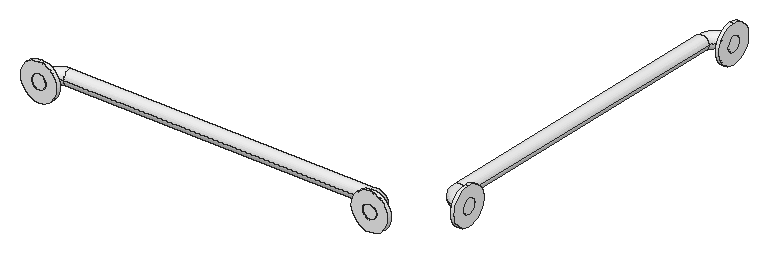
Revit family
Parameters (values of type "HC Grab Bar")
  Subcategory = "Metal Railings"  # constant formula
  SmartBIM Object Version = 3  # constant formula
  SmartBIM Object Created By = "Reed Construction Data"  # constant formula
  Side Length [instance] = 3' - 0"
  Length [instance] = 3' - 0"
  Height = 2' - 9"
  HC = yes
  Assembly Code = "C1030200"
  95 CSI = "05520"  # constant formula
  04 CSI = "05 52 00"  # constant formula
Reference planes (in)
  plane 1: y = 1.375
  plane 2 "Left": x = -10.7105
  plane 3 "Wall Edge": y = 1.375
  plane 4 "Bar Centerline": z = 33
  plane 5 "Right": x = 25.2895
  plane 6 "Center": x = 7.2895
  plane 7: x = 31.2895
  plane 8: y = 7.375
  plane 9: y = 43.375
Forms (in)
  Sweep 1, solid, material "Stainless Steel"
    path origin (23, 0, 33) x (1, 0, 0) y (0, 1, 0)
      loop
        line (2.2895, 1.375) -> (2.2895, 2.125)
        arc (2.2895, 2.125) -> (1.85016, 3.18566) -> (0.7895, 3.625) r 1.5
        line (0.7895, 3.625) -> (-32.2105, 3.625)
        arc (-32.2105, 3.625) -> (-33.27116, 3.18566) -> (-33.7105, 2.125) r 1.5
        line (-33.7105, 2.125) -> (-33.7105, 1.375)
    profile origin (7.2895, 3.625, 33) x (0, -1, 0) y (0, 0, 1)
      loop
        circle (0, 0) r 0.75
  Extrusion 2, solid, material "Stainless Steel"
    sketch origin (0, 3, 35) x (0, 0, 1) y (-1, 0, 0)
      loop
        circle (-2, 10.7105) r 2
      loop
        circle (-2, 10.7105) r 0.75
    from 1.625 to 1.25
  Extrusion 3, solid, material "Stainless Steel"
    sketch origin (48, 3, 35) x (0, 0, 1) y (-1, 0, 0)
      loop
        circle (-2, 22.7105) r 2
      loop
        circle (-2, 22.7105) r 0.75
    from 1.625 to 1.25
  Sweep 4, solid, material "Stainless Steel", visible <- "HC"
    path origin (47.2895, 43.7105, 33) x (0, 1, 0) y (-1, 0, 0)
      loop
        line (-0.3355, 16) -> (-0.3355, 16.75)
        arc (-0.3355, 16.75) -> (-0.77484, 17.81066) -> (-1.8355, 18.25) r 1.5
        line (-1.8355, 18.25) -> (-34.8355, 18.25)
        arc (-34.8355, 18.25) -> (-35.89616, 17.81066) -> (-36.3355, 16.75) r 1.5
        line (-36.3355, 16.75) -> (-36.3355, 16)
    profile origin (29.0395, 25.375, 33) x (1, 0, 0) y (0, 0, 1)
      loop
        circle (0, 0) r 0.75
  Extrusion 5, solid, material "Stainless Steel", visible <- "HC"
    sketch origin (44.2895, 20.2105, 35) x (0, 0, 1) y (0, -1, 0)
      loop
        circle (-2, 12.8355) r 2
      loop
        circle (-2, 12.8355) r 0.75
    from -13 to -13.375
  Extrusion 6, solid, material "Stainless Steel", visible <- "HC"
    sketch origin (44.2895, 56.7105, 35) x (0, 0, 1) y (0, -1, 0)
      loop
        circle (-2, 13.3355) r 2
      loop
        circle (-2, 13.3355) r 0.75
    from -13 to -13.375
Lines and regions (in)
  symbolic lines
    curve 1: line (-11.4605, 1.75, 0) -> (-11.4605, 2.125, 0)
    curve 2: line (-9.9605, 1.75, 0) -> (-9.9605, 2.125, 0)
    curve 3: line (24.5395, 1.75, 0) -> (24.5395, 2.125, 0)
    curve 4: line (26.0395, 1.75, 0) -> (26.0395, 2.125, 0)
    curve 5: line (27.2895, 1.375, 0) -> (27.2895, 1.75, 0)
    curve 6: line (27.2895, 1.75, 0) -> (23.2895, 1.75, 0)
    curve 7: line (23.2895, 1.75, 0) -> (23.2895, 1.375, 0)
    curve 8: line (-12.7105, 1.375, 0) -> (-12.7105, 1.75, 0)
    curve 9: line (-12.7105, 1.75, 0) -> (-8.7105, 1.75, 0)
    curve 10: line (-8.7105, 1.75, 0) -> (-8.7105, 1.375, 0)
    curve 11: line (-9.2105, 2.875, 0) -> (23.7895, 2.875, 0)
    curve 12: line (23.7895, 4.375, 0) -> (-9.2105, 4.375, 0)
    curve 13: arc (-9.9605, 2.125, 0) -> (-9.74083, 2.65533, 0) -> (-9.2105, 2.875, 0) r 0.75
    curve 14: arc (23.7895, 2.875, 0) -> (24.31983, 2.65533, 0) -> (24.5395, 2.125, 0) r 0.75
    curve 15: arc (23.7895, 4.375, 0) -> (25.38049, 3.71599, 0) -> (26.0395, 2.125, 0) r 2.25
    curve 16: arc (-11.4605, 2.125, 0) -> (-10.80149, 3.71599, 0) -> (-9.2105, 4.375, 0) r 2.25
  symbolic lines, visible <- "HC"
    curve 17: line (30.9145, 6.625, 0) -> (30.5395, 6.625, 0)
    curve 18: line (30.9145, 8.125, 0) -> (30.5395, 8.125, 0)
    curve 19: line (30.9145, 42.625, 0) -> (30.5395, 42.625, 0)
    curve 20: line (30.9145, 44.125, 0) -> (30.5395, 44.125, 0)
    curve 21: line (31.2895, 45.375, 0) -> (30.9145, 45.375, 0)
    curve 22: line (30.9145, 45.375, 0) -> (30.9145, 41.375, 0)
    curve 23: line (30.9145, 41.375, 0) -> (31.2895, 41.375, 0)
    curve 24: line (31.2895, 5.375, 0) -> (30.9145, 5.375, 0)
    curve 25: line (30.9145, 5.375, 0) -> (30.9145, 9.375, 0)
    curve 26: line (30.9145, 9.375, 0) -> (31.2895, 9.375, 0)
    curve 27: line (29.7895, 8.875, 0) -> (29.7895, 41.875, 0)
    curve 28: line (28.2895, 41.875, 0) -> (28.2895, 8.875, 0)
    curve 29: arc (30.5395, 8.125, 0) -> (30.00917, 8.34467, 0) -> (29.7895, 8.875, 0) r 0.75
    curve 30: arc (29.7895, 41.875, 0) -> (30.00917, 42.40533, 0) -> (30.5395, 42.625, 0) r 0.75
    curve 31: arc (28.2895, 41.875, 0) -> (28.94851, 43.46599, 0) -> (30.5395, 44.125, 0) r 2.25
    curve 32: arc (30.5395, 6.625, 0) -> (28.94851, 7.28401, 0) -> (28.2895, 8.875, 0) r 2.25
Text (in)
  text "Placement Side" at (0, 40.15149, 123.01588), in view "Right"
  text "Placement Side" at (-70.3804, 28.46503, 0), in view "Ref. Level"
  text "Placement Side" at (0, 81.62555, 140.59947), in view "Left"
Dimensions and locks (in)
  locked: plane 3 "Wall Edge" to host wall
  "Height": level to plane 4 "Bar Centerline"
  locked: Extrusion 2 to Extrusion 2 at 0.375
  "Length": plane 2 "Left" to plane 5 "Right"
  locked: Extrusion 3 to plane 5 "Right" at 2
  locked: plane 2 "Left" to Extrusion 2 at 2
  equal spacing: plane 2 "Left", plane 6 "Center", plane 5 "Right"
  locked: plane 5 "Right" to plane 7 at 6
  locked: host wall to plane 8 at 6
  locked: Extrusion 6 to plane 7 at 0
  "Side Length": plane 9 to plane 8
  locked: Extrusion 5 to plane 7 at 0.375
  locked: Sweep 4 sketch curve to plane 7 at 2.25
  curve 21 to plane 9 to curve 23 = 0' - 2" locked, 0' - 2" locked
  curve 24 to plane 8 to curve 26 = 0' - 2" locked, 0' - 2" locked
  equal spacing: Extrusion 6 sketch curve, plane 9, Extrusion 6 sketch curve
  locked: Sweep 1 to host wall at 0
  equal spacing: Extrusion 5 sketch curve, plane 8, Extrusion 5 sketch curve
  aligned and locked: Extrusion 2 to host wall
  aligned and locked: Extrusion 3 to host wall
  aligned and locked: Extrusion 3 to Extrusion 2
  aligned and locked: plane 2 "Left" to Sweep 1 sketch curve
  aligned and locked: Extrusion 6 to Extrusion 5
  aligned and locked: Extrusion 6 to plane 7
  aligned and locked: curve 22 to Extrusion 5
  aligned and locked: plane 9 to Sweep 4 sketch curve
  aligned and locked: Sweep 4 sketch curve to Extrusion 5
  aligned and locked: Extrusion 5 to plane 7
  aligned and locked: curve 25 to Extrusion 5
  aligned and locked: plane 1 to host wall
Automatic sketch dimensions
  Sweep 1 sketch curve to plane 5 "Right" = 0' - 0"
  Sweep 1 sketch curve to plane 1 = 0' - 0"  (x2)
  plane 2 "Left" to Sweep 1 sketch curve = 0' - 1 1/2"
  Sweep 1 sketch curve to plane 1 = 0' - 0 3/4"
  Sweep 1 sketch curve to Sweep 1 sketch curve = 0' - 1 1/2"
  Sweep 1 sketch curve to plane 4 "Bar Centerline" = 0' - 0"
  Sweep 1 sketch curve to profile plane = 0' - 0"
  Extrusion 2 sketch curve to Extrusion 2 sketch curve = 0' - 0"  (x2)
  Extrusion 2 sketch curve to plane 2 "Left" = 0' - 0"
  Extrusion 2 sketch curve to plane 4 "Bar Centerline" = 0' - 0"
  Extrusion 3 sketch curve to Extrusion 3 sketch curve = 0' - 0"  (x2)
  Extrusion 3 sketch curve to plane 4 "Bar Centerline" = 0' - 0"
  Extrusion 3 sketch curve to plane 5 "Right" = 0' - 0"
  Extrusion 5 sketch curve to Extrusion 5 sketch curve = 0' - 0"  (x2)
  Extrusion 5 sketch curve to plane 4 "Bar Centerline" = 0' - 0"
  Extrusion 6 sketch curve to Extrusion 6 sketch curve = 0' - 0"  (x2)
  plane 4 "Bar Centerline" to Extrusion 6 sketch curve = 0' - 0"
  curve 13 to curve 16 = 0' - 0"  (x2)
  curve 14 to curve 15 = 0' - 0"  (x2)
  curve 29 to curve 32 = 0' - 0"  (x2)
  curve 30 to curve 31 = 0' - 0"  (x2)
  curve 8 to host wall = 0' - 0"
  curve 10 to host wall = 0' - 0"
  curve 7 to host wall = 0' - 0"
  curve 5 to host wall = 0' - 0"
  curve 32 to curve 29 = 0' - 1 1/2"
  plane 2 "Left" to curve 10 = 0' - 2"
  plane 2 "Left" to curve 12 = 0' - 1 1/2"
  plane 2 "Left" to curve 13 = 0' - 0 3/4"
  curve 1 to plane 2 "Left" = 0' - 0 3/4"
  host wall to curve 8 = 0' - 0 3/8"
  curve 8 to curve 1 = 0' - 1 1/4"
  curve 29 to curve 25 = 0' - 0 3/8"
  curve 19 to curve 19 = 0' - 0 3/8"
  curve 22 to curve 23 = 0' - 0 3/8"
  curve 21 to curve 21 = 0' - 0 3/8"
  curve 25 to curve 26 = 0' - 0 3/8"
  curve 24 to curve 24 = 0' - 0 3/8"
  curve 7 to plane 5 "Right" = 0' - 2"
  curve 6 to curve 11 = 0' - 0 1/2"
  curve 14 to curve 14 = 0' - 0 3/4"
  curve 4 to curve 5 = 0' - 1 1/4"
  host wall to curve 3 = 0' - 0 3/8"
  curve 4 to curve 4 = 0' - 0 3/8"
  curve 29 to curve 26 = 0' - 0 1/2"
  curve 22 to curve 28 = 0' - 0 1/2"
  curve 20 to curve 22 = 0' - 1 1/4"
  Sweep 4 sketch curve to plane 4 "Bar Centerline" = 0' - 0"
  Sweep 4 sketch curve to profile plane = 0' - 0"
  Sweep 4 sketch curve to plane 7 = 0' - 0"  (x2)
  Sweep 4 sketch curve to plane 8 = 0' - 1 1/2"
  plane 7 to Sweep 4 sketch curve = 0' - 0 3/4"
  radius of Sweep 1 sketch curve = 0' - 0 3/4"
  radius of Extrusion 2 sketch curve = 0' - 2"
  radius of Extrusion 2 sketch curve = 0' - 0 3/4"
  radius of Extrusion 3 sketch curve = 0' - 2"
  radius of Extrusion 3 sketch curve = 0' - 0 3/4"
  radius of Extrusion 5 sketch curve = 0' - 0 3/4"
  radius of Extrusion 6 sketch curve = 0' - 0 3/4"
  radius of Sweep 4 sketch curve = 0' - 0 3/4"
  radius of Extrusion 6 sketch curve = 0' - 2"
  radius of Extrusion 5 sketch curve = 0' - 2"
